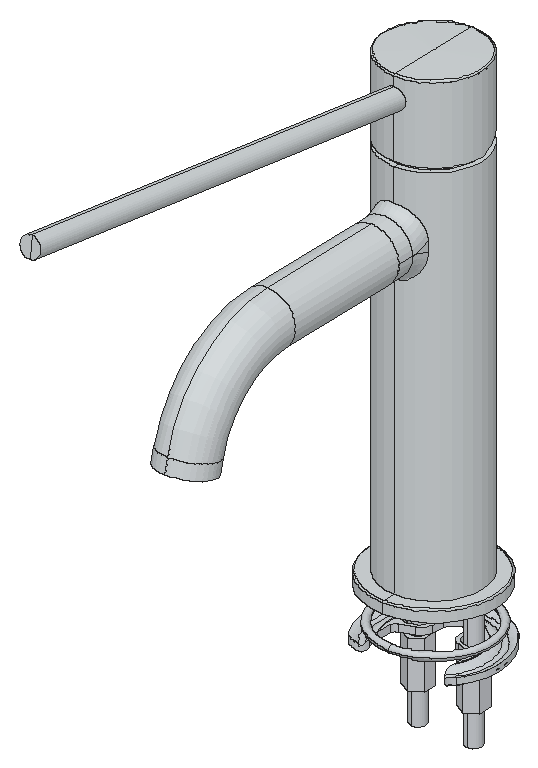
Revit family "Reece_Tap_Mizu_Drift_Basin Mixer_Curved_Extended Lever", category Plumbing Fixtures, host Face, Revit 2018
Family settings
  Host = Face
  Round Connector Dimension = Use Diameter
  Part Type = Normal
  Cut with Voids When Loaded = No
  Shared = Yes
  Room Calculation Point = Yes
Parameters (values of type "120 mm_Brushed Nickel")
  WFU = 0  # constant formula
  URL = "https://www.reece.com.au/product/-2267413"
  Type Comments = "Tap"
  Reece_Tap_Reach = 120 mm  # constant formula
  Reece_Tap_Inlet = 12 mm  # constant formula
  Reece_Tap_Clearance = 92 mm  # constant formula
  Reece_Product_Web Page = "https://www.reece.com.au/product/-2267413"
  Reece_Product_Type = "Tap"  # constant formula
  Reece_Product_Sub Brand = "Drift"  # constant formula
  Reece_Product_Number = "2267413"
  Reece_Product_Mount = "Hob Mounted"  # constant formula
  Reece_Product_Description = "Mizu Drift Basin Mixer Curved Spout with Extended Lever Tap Brushed Nickel (6 Star) Lead Free"
  Reece_Product_Brand = "Mizu"  # constant formula
  Reece_Overall_Length = 220 mm  # constant formula
  Reece_Overall_Height = 206 mm  # constant formula
  Reece_Nozzle_Pipe Radius = 10.5 mm  # constant formula
  Reece_Material_Main = Reece_Brass_Brushed Nickel
  Reece_Detail_Shape = "Curved"  # constant formula
  Reece_Detail_Installation = ""
  Reece_Detail_Disclaimer = "THIS FILE IS THE PROPERTY OF THE REECE GROUP. IT MAY NOT BE REPRODUCED, REVERSE-ENGINEERED, OR MODIFIED. ANY REPUBLICATION, TRANSMISSION, OR DISTRIBUTION FOR THE PURPOSE OF COMMERCIALLY EXPLOITING THE FILES IS PROHIBITED."  # constant formula
  Reece_Detail_Connector = ""
  Reece_Detail_Additional = "Extended Lever"  # constant formula
  Model = "Drift"
  Manufacturer = "Mizu"
  Keynote = "Product #2267413, Reece_Tap_Mizu_Drift_Basin Mixer_Curved_Extended Lever - 120 mm_Brushed Nickel"
  HWFU = 0  # constant formula
  Disclaimer = "THIS FILE IS THE PROPERTY OF THE REECE GROUP. IT MAY NOT BE REPRODUCED, REVERSE-ENGINEERED, OR MODIFIED. ANY REPUBLICATION, TRANSMISSION, OR DISTRIBUTION FOR THE PURPOSE OF COMMERCIALLY EXPLOITING THE FILES IS PROHIBITED."  # constant formula
  Description = "Mizu Drift Basin Mixer Curved Spout with Extended Lever Tap Brushed Nickel (6 Star) Lead Free"
  Default Elevation = 1000 mm
  CWFU = 0  # constant formula
Types (6, lengths in mm): name | URL | Reece_Product_Web Page | Reece_Product_Number | Reece_Product_Description | Reece_Material_Main | Keynote | Description
  120 mm_Brushed Nickel | "https://www.reece.com.au/product/-2267413" | "https://www.reece.com.au/product/-2267413" | "2267413" | "Mizu Drift Basin Mixer Curved Spout with Extended Lever Tap Brushed Nickel (6 Star) Lead Free" | Reece_Brass_Brushed Nickel | "Product #2267413, Reece_Tap_Mizu_Drift_Basin Mixer_Curved_Extended Lever - 120 mm_Brushed Nickel" | "Mizu Drift Basin Mixer Curved Spout with Extended Lever Tap Brushed Nickel (6 Star) Lead Free"
  120 mm_Chrome | "https://www.reece.com.au/product/-2267411" | "https://www.reece.com.au/product/-2267411" | "2267411" | "Mizu Drift Basin Mixer Curved Spout with Extended Lever Tap Chrome (6 Star) Lead Free" | Reece_Brass_Chrome | "Product #2267411, Reece_Tap_Mizu_Drift_Basin Mixer_Curved_Extended Lever - 120 mm_Chrome" | "Mizu Drift Basin Mixer Curved Spout with Extended Lever Tap Chrome (6 Star) Lead Free"
  120 mm_Matte Black | "https://www.reece.com.au/product/-2267412" | "https://www.reece.com.au/product/-2267412" | "2267412" | "Mizu Drift Basin Mixer Curved Spout with Extended Lever Tap Matte Black (6 Star) Lead Free" | Reece_Brass_Matte Black | "Product #2267412, Reece_Tap_Mizu_Drift_Basin Mixer_Curved_Extended Lever - 120 mm_Matte Black" | "Mizu Drift Basin Mixer Curved Spout with Extended Lever Tap Matte Black (6 Star) Lead Free"
  120 mm_Brushed Gunmetal | "https://www.reece.com.au/product/-2267415" | "https://www.reece.com.au/product/-2267415" | "2267415" | "Mizu Drift Basin Mixer Curved Spout with Extended Lever Tap Brushed Gunmetal (6 Star) Lead Free" | Reece_Brass_Brushed Gunmetal | "Product #2267415, Reece_Tap_Mizu_Drift_Basin Mixer_Curved_Extended Lever - 120 mm_Brushed Gunmetal" | "Mizu Drift Basin Mixer Curved Spout with Extended Lever Tap Brushed Gunmetal (6 Star) Lead Free"
  120 mm_Brushed Brass | "https://www.reece.com.au/product/-2267414" | "https://www.reece.com.au/product/-2267414" | "2267414" | "Mizu Drift Basin Mixer Curved Spout with Extended Lever Tap Brushed Brass (6 Star) Lead Free" | Reece_Brass_Brushed | "Product #2267414, Reece_Tap_Mizu_Drift_Basin Mixer_Curved_Extended Lever - 120 mm_Brushed Brass" | "Mizu Drift Basin Mixer Curved Spout with Extended Lever Tap Brushed Brass (6 Star) Lead Free"
  120 mm_Brushed Bronze | "https://www.reece.com.au/product/-2298929" | "https://www.reece.com.au/product/-2298929" | "2298929" | "Mizu Drift Basin Mixer Curved Spout with Extended Lever Tap Brushed Bronze (6 Star) Lead Free" | Reece_Brass_Brushed Bronze | "Product #2298929, Reece_Tap_Mizu_Drift_Basin Mixer_Curved_Extended Lever - 120 mm_Brushed Bronze" | "Mizu Drift Basin Mixer Curved Spout with Extended Lever Tap Brushed Bronze (6 Star) Lead Free"
Reference planes
  plane 1 "Center (Front/Back)": y = 0
  plane 2: z = 0
  plane 3 "Center (Left/Right)": x = 0
  plane 4: y = -19
  plane 5: y = -120
  plane 6: through (0, -18.335, 174.209) normal (0, -0.9998, -0.0216)
  plane 7: z = 92
  plane 8: through (0, -120, 92) normal (0, 0.9659, -0.2588)
  plane 9: z = 127
  plane 10: y = 24.5
  plane 11: z = 206
  plane 12: y = -195.5
Forms (mm)
  Revolve 1, solid, material "Reece_Brass_Brushed Nickel" <- "Reece_Material_Main"
    sketch origin (0, 0, 0) x (0, 1, 0) y (0, 0, 1)
      loop
        line (-19, 152.8) -> (-19, 4.5) -> (-17.5, 4.5) -> (-17.5, 7) -> (0, 7) -> (0, 157.8) -> (-13.55, 157.8) -> (-13.55, 161.484)
        arc (-13.55, 161.484) -> (-15.733, 157.339) -> (-16.892, 152.8) r 20
        line (-16.892, 152.8) -> (-19, 152.8)
      axis (0, 161.484) -> (0, 4.5)
    angle from 0 to 360
  Revolve 2, solid, material "Reece_Brass_Brushed Nickel" <- "Reece_Material_Main"
    sketch origin (0, 0, 0) x (0, 1, 0) y (0, 0, 1)
      loop
        line (-17.5, 4.5) -> (-24, 4.5)
        arc (-24, 4.5) -> (-24.354, 4.354) -> (-24.5, 4) r 0.5
        line (-24.5, 4) -> (-24.5, 0) -> (-22, 0) -> (-22, -1) -> (-18, -1) -> (-18, 2) -> (-16.5, 2) -> (-16.5, 5.5) -> (-17.5, 5.5) -> (-17.5, 4.5)
      axis (0, 5.5) -> (0, -1)
    angle from 0 to 360
  Revolve 3, solid, material "Reece_Brass_Brushed Nickel" <- "Reece_Material_Main"
    sketch origin (0, 0, 1) x (0, 1, 0) y (0, 0, 1)
      loop
        line (-19, 153.55) -> (-17.852, 153.55) -> (-17.5, 158.59) -> (-17.5, 162.3) -> (0, 162.3) -> (0, 184)
        arc (0, 184) -> (-9.246, 183.907) -> (-18.489, 183.63) r 465.11
        arc (-18.489, 183.63) -> (-18.852, 183.467) -> (-19, 183.099) r 0.532
        line (-19, 183.099) -> (-19, 153.55)
      axis (0, 184) -> (0, 153.55)
    angle from 0 to 360
  Extrusion 4, void
    sketch origin (0, 21.394, 163.687) x (0, 0.91357, 0.406681) y (1, 0, 0)
      loop
        line (14.799, 24.5) -> (-35.201, 24.5) -> (-35.201, -24.5) -> (14.799, -24.5) -> (14.799, 24.5)
    from 0 to 19
  Revolve 5, void
    sketch origin (0, 0, -1.813) x (0, 1, 0) y (0, 0, 1)
      loop
        line (17.434, 173.743) -> (17.434, 169.75) -> (20.568, 169.75) -> (20.568, 173.743) -> (17.434, 173.743)
      axis (20.568, 169.75) -> (17.434, 169.75)
    angle from 0 to 360
  Revolve 6, solid, material "Reece_Brass_Brushed Nickel" <- "Reece_Material_Main"
    sketch origin (0, 0, -1.813) x (0, 1, 0) y (0, 0, 1)
      loop
        arc (19.852, 169.75) -> (19.653, 171.536) -> (19.065, 173.234) r 8.104
        arc (19.065, 173.234) -> (18.801, 173.532) -> (18.419, 173.642) r 0.716
        line (18.419, 173.642) -> (17.555, 173.642) -> (17.555, 169.75) -> (19.852, 169.75)
      axis (17.555, 169.75) -> (19.852, 169.75)
    angle from 0 to 360
  Revolve 7, solid
    sketch origin (0, 0, 0) x (0, 1, 0) y (0, 0, 1)
      loop
        circle (22.2, -14) r 1.3
      axis (1, -14) -> (1, -13)
    angle from 0 to 360
  Extrusion 8, void
    sketch origin (0, 2, 7) x (1, 0, 0) y (0, 1, 0)
      loop
        circle (-7, -9.5) r 6.7
      loop
        circle (-10.749, 4.019) r 3.519
      loop
        circle (10.75, 4) r 3.5
      loop
        circle (7, -9.5) r 6.7
    from 0 to 4
  Extrusion 9, solid
    sketch origin (0, 2, 7) x (0, 1, 0) y (1, 0, 0)
      loop
        circle (4, 10.75) r 3
      loop
        circle (4, -10.75) r 3
    from 0 to 61.5
  Revolve 10, solid
    sketch origin (0, 0, 0) x (0, 1, 0) y (0, 0, 1)
      loop
        arc (18.75, -21.5) -> (21.75, -23) -> (24.75, -21.5) r 3.75
        line (24.75, -21.5) -> (25.75, -21.5) -> (25.75, -19)
        arc (25.75, -19) -> (24.212, -19.499) -> (22.941, -20.498) r 4.61
        arc (22.941, -20.498) -> (21.841, -21) -> (20.728, -20.527) r 1.5
        arc (20.728, -20.527) -> (19.122, -19.398) -> (17.2, -19) r 4.84
        line (17.2, -19) -> (17.2, -21.5) -> (18.75, -21.5)
      axis (0, -19) -> (0, -21.5)
    angle from 0 to 360
  Extrusion 11, solid
    sketch origin (0, 0, -23) x (1, 0, 0) y (0, 1, 0)
      loop
        arc (-9.053, 2.711) -> (-6.961, 7.197) -> (-11.447, 9.289) r 3.5
        line (-11.447, 9.289) -> (-13.326, 8.605)
        arc (-13.326, 8.605) -> (-15.418, 4.119) -> (-10.932, 2.027) r 3.5
        line (-10.932, 2.027) -> (-9.053, 2.711)
      loop
        arc (-5.01, 5.791) -> (-6.06, 3.288) -> (-8.263, 1.702) r 5
        line (-8.263, 1.702) -> (-13.684, -0.271)
        arc (-13.684, -0.271) -> (-14.638, -1.003) -> (-15, -2.15) r 2
        line (-15, -2.15) -> (-15, -8.417)
        arc (-15, -8.417) -> (0, 17.2) -> (15, -8.417) r 17.2
        line (15, -8.417) -> (15, -2.15)
        arc (15, -2.15) -> (14.638, -1.003) -> (13.684, -0.271) r 2
        line (13.684, -0.271) -> (8.263, 1.702)
        arc (8.263, 1.702) -> (6.06, 3.288) -> (5.01, 5.791) r 5
        line (5.01, 5.791) -> (4.466, 10.221)
        arc (4.466, 10.221) -> (0, 14.173) -> (-4.466, 10.221) r 4.5
        line (-4.466, 10.221) -> (-5.01, 5.791)
      loop
        arc (11.447, 9.289) -> (6.961, 7.197) -> (9.053, 2.711) r 3.5
        line (9.053, 2.711) -> (10.932, 2.027)
        arc (10.932, 2.027) -> (15.418, 4.119) -> (13.326, 8.605) r 3.5
        line (13.326, 8.605) -> (11.447, 9.289)
    from 1.5 to 4
  Extrusion 12, void
    sketch origin (0, 0, -23) x (1, 0, 0) y (0, 1, 0)
      loop
        line (27.556, -34.599) -> (27.556, -14.961) -> (20.958, -14.961)
        arc (20.958, -14.961) -> (17.049, -15.272) -> (15, -11.93) r 3.75
        line (15, -11.93) -> (15, -8.417) -> (-15, -8.417) -> (-15, -11.93)
        arc (-15, -11.93) -> (-17.049, -15.272) -> (-20.958, -14.961) r 3.75
        line (-20.958, -14.961) -> (-27.556, -14.961) -> (-27.556, -34.599) -> (27.556, -34.599)
    from 0 to 5
  Extrusion 13, solid
    sketch origin (0, 0, 0) x (1, 0, 0) y (0, 1, 0)
      loop
        circle (10.75, 6) r 3
      loop
        line (10.75, 11.196) -> (6.25, 8.598) -> (6.25, 3.402) -> (10.75, 0.804) -> (15.25, 3.402) -> (15.25, 8.598) -> (10.75, 11.196)
      loop
        circle (-10.75, 6) r 3
      loop
        line (-10.75, 11.196) -> (-15.25, 8.598) -> (-15.25, 3.402) -> (-10.75, 0.804) -> (-6.25, 3.402) -> (-6.25, 8.598) -> (-10.75, 11.196)
    from -41.5 to -23
  Extrusion 14, void
    sketch origin (0, 0, 0) x (1, 0, 0) y (0, 1, 0)
      loop
        circle (0, 0) r 22
    from 0 to -35
  Revolve 15, solid, material "Reece_Brass_Brushed Nickel" <- "Reece_Material_Main"
    sketch origin (0, -229.818, 400.932) x (0, -1, 0) y (0, 0, -1)
      loop
        line (-217.961, 221.636) -> (-35.476, 194.932) -> (-34.897, 198.89) -> (-217.382, 225.594) -> (-217.961, 221.636)
      axis (-217.382, 225.594) -> (-34.897, 198.89)
    angle from 0 to 360
  Sweep 16, solid, material "Reece_Brass_Brushed Nickel" <- "Reece_Material_Main"
    path origin (0, 0, 0) x (0, 1, 0) y (0, 0, 1)
      loop
        line (-29.929, 127) -> (-79.929, 127)
        arc (-79.929, 127) -> (-104.279, 118.734) -> (-118.566, 97.353) r 40
        line (-118.566, 97.353) -> (-120, 92)
    profile origin (0, -54.929, 127) x (0, 0, -1) y (1, 0, 0)
      loop
        circle (0, 0) r 10.5
  Sweep 17, solid, material "Reece_Brass_Brushed Nickel" <- "Reece_Material_Main"
    path origin (0, 0, 0) x (0, 1, 0) y (0, 0, 1)
      loop
        line (-29.929, 137.5) -> (-23.438, 137.5)
        arc (-23.438, 137.5) -> (-19.902, 138.964) -> (-18.438, 142.5) r 5
        line (-18.438, 142.5) -> (-18.438, 147.5)
    profile origin (0, -26.683, 137.5) x (0, 0, 1) y (1, 0, 0)
      loop
        arc (-10.5, -10.5) -> (0, 0) -> (-10.5, 10.5) r 10.5
        line (-10.5, 10.5) -> (-10.5, -10.5)
  Revolve 18, void
    sketch origin (0, 0, 0) x (0, 1, 0) y (0, 0, 1)
      loop
        line (-120.258, 91.037) -> (-109.445, 88.139) -> (-109.187, 89.103) -> (-110.567, 89.472) -> (-110.041, 91.436) -> (-111.007, 91.695) -> (-111.27, 90.713) -> (-119.737, 92.982) -> (-120.258, 91.037)
      axis (-120.258, 91.037) -> (-119.474, 93.964)
    angle from 0 to 360
  Sweep 19, solid, material "Reece_Brass_Brushed Nickel" <- "Reece_Material_Main"
    path origin (0, 0, 254) x (0, 1, 0) y (0, 0, -1)
      loop
        line (-29.929, 137.5) -> (-23.438, 137.5)
        arc (-23.438, 137.5) -> (-19.902, 138.964) -> (-18.438, 142.5) r 5
        line (-18.438, 142.5) -> (-18.438, 147.5)
    profile origin (0, -26.683, 116.5) x (0, 0, 1) y (1, 0, 0)
      loop
        line (10.5, -10.5) -> (10.5, 10.5)
        arc (10.5, 10.5) -> (0, 0) -> (10.5, -10.5) r 10.5
  Extrusion 20, solid, material "Reece_Brass_Brushed Nickel" <- "Reece_Material_Main"
    sketch origin (0, 0, 0) x (0, 1, 0) y (0, 0, 1)
      loop
        arc (-23.438, 127) -> (-12.477, 122.46) -> (-7.938, 111.5) r 15.5
        line (-7.938, 111.5) -> (-7.938, 142.5)
        arc (-7.938, 142.5) -> (-12.477, 131.54) -> (-23.438, 127) r 15.5
    from -10.5 to 10.5
Cuts and joins
  Extrusion 4, Revolve 5 cuts Revolve 3
  joined: Revolve 3, Revolve 15
  Extrusion 8 cuts Extrusion 9
  Extrusion 12 cuts Revolve 10
  Extrusion 8 cuts Revolve 2
  Extrusion 8 cuts Revolve 1
  Revolve 18 cuts Sweep 16
  joined: Revolve 1, Sweep 16, Sweep 17, Sweep 19, Extrusion 20
Lines and regions (mm)
  reference lines
    curve 1: line (0, 42.299, 172.993) -> (0, 0.166, 154.237)
Text (mm)
  text "Reece Copyright © 2018, Reece Ltd." at (-747.266, -372.688, 0), in view "Ref. Level"
  text "Reece ©" at (-1.128, 151.197, 130.104), in view "Reece Preview"
Dimensions and locks
  locked: Revolve 1 sketch curve to Revolve 1 sketch curve at 2.5
  Revolve 1 sketch curve to Revolve 1 sketch curve = 19 mm
  Revolve 2 sketch curve to Revolve 2 sketch curve = 24.5 mm
  locked: Revolve 2 sketch curve to Revolve 2 sketch curve at 2.5
  locked: Revolve 2 sketch curve to Revolve 2 sketch curve at 3.5
  locked: Revolve 2 sketch curve to Revolve 2 sketch curve at 1
  Revolve 2 sketch curve to Revolve 2 sketch curve = 17.5 mm
  locked: Revolve 2 sketch curve to Revolve 2 sketch curve at 1.5
  Revolve 3 sketch curve to Revolve 3 sketch curve = 19 mm
  locked: Revolve 3 sketch curve to Revolve 3 sketch curve at 1.5
  Extrusion 4 sketch curve to curve 1 to Extrusion 4 sketch curve = 24.5 mm, 24.5 mm
  "Reece_Tap_Reach": plane 5 to plane 1 "Center (Front/Back)"
  "Reece_Tap_Clearance": plane 7 to level
  "Reece_Overall_Height": plane 11 to host face
  "Reece_Overall_Length": plane 10 to plane 12
  "Reece_Nozzle_Pipe Radius": radius of Sweep 16 sketch curve
  angle plane 8 to plane 5 = 15.00°
  angle plane 5 to plane 8 = 15.00°
  aligned and locked: plane 2 to host face
  aligned and locked: level to host face
  aligned and locked: Revolve 3 sketch curve to Revolve 3 sketch curve
  aligned and locked: Revolve 18 sketch curve to plane 8
Automatic sketch dimensions
  host sketch curve to host sketch curve = 380.785 mm
  host sketch curve to host sketch curve = 317.421 mm
  curve 1 to plane 1 "Center (Front/Back)" = 0.166 mm
  curve 1 to plane 9 = 27.238 mm
  curve 1 to plane 10 = 17.799 mm
  Revolve 1 sketch curve to plane 4 = 0 mm
  Revolve 1 sketch curve to plane 1 "Center (Front/Back)" = 0 mm
  Revolve 1 sketch curve to Revolve 1 sketch curve = 1.5 mm
  Revolve 1 sketch curve to Revolve 1 sketch curve = 2.108 mm
  Revolve 1 sketch curve to plane 4 = 5.45 mm
  Revolve 1 sketch curve to plane 1 "Center (Front/Back)" = 2.932 mm
  level to Revolve 1 sketch curve = 4.5 mm
  Revolve 1 sketch curve to plane 9 = 23.156 mm
  Revolve 1 sketch curve to Revolve 1 sketch curve = 2.644 mm
  Revolve 1 sketch curve to Revolve 1 sketch curve = 7.644 mm
  Revolve 1 sketch curve to level = 340.81 mm
  Revolve 2 sketch curve to level = 0 mm
  Revolve 2 sketch curve to plane 1 "Center (Front/Back)" = 0 mm
  Revolve 2 sketch curve to Revolve 2 sketch curve = 0.5 mm
  Revolve 2 sketch curve to level = 1 mm
  level to Revolve 2 sketch curve = 2 mm
  Revolve 2 sketch curve to Revolve 2 sketch curve = 4 mm
  Revolve 2 sketch curve to Revolve 2 sketch curve = 339.81 mm
  Revolve 3 sketch curve to plane 4 = 0 mm
  Revolve 3 sketch curve to plane 4 = 0.532 mm
  Revolve 3 sketch curve to Revolve 3 sketch curve = 1.148 mm
  Revolve 3 sketch curve to plane 1 "Center (Front/Back)" = 0.055 mm
  Revolve 3 sketch curve to Revolve 3 sketch curve = 20.799 mm
  Revolve 3 sketch curve to Revolve 3 sketch curve = 3.71 mm
  Revolve 3 sketch curve to Revolve 3 sketch curve = 5.04 mm
  Revolve 3 sketch curve to level = 280.11 mm
  Revolve 3 sketch curve to Revolve 3 sketch curve = 59.7 mm
  Revolve 3 sketch curve to Revolve 3 sketch curve = 2176.364 mm
  Extrusion 4 sketch curve to curve 1 = 11.965 mm
  Extrusion 4 sketch curve to curve 1 = 8.083 mm
  plane 10 to Revolve 5 sketch curve = 7.066 mm
  Revolve 5 sketch curve to Revolve 5 sketch curve = 3.134 mm
  Revolve 5 sketch curve to Revolve 5 sketch curve = 3.993 mm
  Revolve 5 sketch curve to Revolve 5 sketch curve = 2.864 mm
  Revolve 5 sketch curve to plane 10 = 0.07 mm
  Revolve 5 sketch curve to Revolve 5 sketch curve = 0 mm
  Revolve 6 sketch curve to plane 1 "Center (Front/Back)" = 11.748 mm
  Revolve 6 sketch curve to Revolve 6 sketch curve = 5.807 mm
  Revolve 6 sketch curve to Revolve 6 sketch curve = 0.864 mm
  Revolve 6 sketch curve to Revolve 6 sketch curve = 2.297 mm
  Revolve 6 sketch curve to Revolve 6 sketch curve = 3.177 mm
  Revolve 6 sketch curve to Revolve 6 sketch curve = 0.716 mm
  Revolve 6 sketch curve to Revolve 6 sketch curve = 1.775 mm
  Revolve 6 sketch curve to plane 10 = 1.006 mm
  Revolve 6 sketch curve to Revolve 6 sketch curve = 0 mm
  plane 10 to Revolve 7 sketch curve = 2.3 mm
  Revolve 7 sketch curve to level = 14 mm  (x2)
  Revolve 7 sketch curve to plane 1 "Center (Front/Back)" = 1 mm
  Revolve 7 sketch curve to Revolve 7 sketch curve = 4.102 mm
  Revolve 1 to Extrusion 8 sketch curve = 10.749 mm
  Revolve 1 to Extrusion 8 sketch curve = 7 mm
  Extrusion 8 sketch curve to Revolve 1 = 7 mm
  Extrusion 8 sketch curve to Revolve 1 = 10.75 mm
  Extrusion 8 sketch curve to Extrusion 8 sketch curve = 0 mm
  Extrusion 8 sketch curve to Extrusion 8 sketch curve = 13.5 mm
  Extrusion 8 sketch curve to Extrusion 8 sketch curve = 13.519 mm
  Revolve 1 to Extrusion 9 sketch curve = 10.75 mm
  Extrusion 9 sketch curve to Extrusion 9 sketch curve = 0 mm
  Extrusion 9 sketch curve to Revolve 1 = 10.75 mm
  Revolve 10 sketch curve to plane 1 "Center (Front/Back)" = 0 mm
  plane 10 to Revolve 10 sketch curve = 7.3 mm
  Revolve 10 sketch curve to Revolve 10 sketch curve = 1.55 mm
  plane 10 to Revolve 10 sketch curve = 2.75 mm
  Revolve 10 sketch curve to Revolve 10 sketch curve = 0.072 mm
  Revolve 10 sketch curve to plane 10 = 0.25 mm
  Revolve 10 sketch curve to plane 10 = 1.25 mm
  Revolve 10 sketch curve to plane 10 = 1.882 mm
  Revolve 10 sketch curve to level = 23.84 mm
  Revolve 10 sketch curve to Revolve 10 sketch curve = 0.274 mm
  Revolve 10 sketch curve to Revolve 10 sketch curve = 2.34 mm
  Revolve 10 sketch curve to Revolve 10 sketch curve = 2 mm
  Revolve 10 sketch curve to Revolve 10 sketch curve = 0.25 mm
  Revolve 10 sketch curve to Revolve 10 sketch curve = 2.5 mm  (x2)
  Revolve 10 sketch curve to Revolve 10 sketch curve = 0 mm
  Revolve 10 sketch curve to Revolve 10 sketch curve = 316.97 mm
  plane 1 "Center (Front/Back)" to Extrusion 11 sketch curve = 0 mm
  Extrusion 11 sketch curve to plane 3 "Center (Left/Right)" = 0 mm  (x2)
  Extrusion 11 sketch curve to plane 3 "Center (Left/Right)" = 4.466 mm
  Extrusion 11 sketch curve to Extrusion 11 sketch curve = 0.544 mm  (x2)
  Extrusion 11 sketch curve to plane 1 "Center (Front/Back)" = 1.702 mm  (x2)
  Extrusion 11 sketch curve to Extrusion 11 sketch curve = 3.253 mm  (x2)
  Extrusion 11 sketch curve to plane 1 "Center (Front/Back)" = 2.711 mm
  Extrusion 11 sketch curve to Extrusion 11 sketch curve = 0.79 mm  (x2)
  Extrusion 11 sketch curve to Extrusion 11 sketch curve = 0.92 mm  (x2)
  Extrusion 11 sketch curve to Extrusion 11 sketch curve = 0.277 mm  (x2)
  Extrusion 11 sketch curve to plane 1 "Center (Front/Back)" = 2.027 mm  (x2)
  Extrusion 11 sketch curve to Extrusion 11 sketch curve = 1.879 mm  (x6)
  Extrusion 11 sketch curve to Extrusion 11 sketch curve = 1.474 mm  (x2)
  Extrusion 11 sketch curve to Extrusion 11 sketch curve = 2.068 mm  (x2)
  Extrusion 11 sketch curve to plane 1 "Center (Front/Back)" = 8.605 mm
  plane 1 "Center (Front/Back)" to Extrusion 11 sketch curve = 0.271 mm  (x2)
  Extrusion 11 sketch curve to Extrusion 11 sketch curve = 0.684 mm  (x2)
  Extrusion 11 sketch curve to Extrusion 11 sketch curve = 2 mm
  plane 3 "Center (Left/Right)" to Extrusion 11 sketch curve = 4.466 mm
  plane 1 "Center (Front/Back)" to Extrusion 11 sketch curve = 2.15 mm
  Extrusion 11 sketch curve to Extrusion 11 sketch curve = 6.266 mm
  Extrusion 11 sketch curve to Extrusion 11 sketch curve = 1.009 mm
  Extrusion 11 sketch curve to Extrusion 11 sketch curve = 3.289 mm
  Extrusion 11 sketch curve to Extrusion 11 sketch curve = 3.08 mm  (x2)
  Extrusion 11 sketch curve to Extrusion 11 sketch curve = 0.401 mm  (x2)
  Extrusion 11 sketch curve to Extrusion 11 sketch curve = 3.882 mm
  Extrusion 11 sketch curve to Extrusion 11 sketch curve = 4.43 mm
  Extrusion 12 sketch curve to plane 3 "Center (Left/Right)" = 27.556 mm
  Extrusion 12 sketch curve to Extrusion 12 sketch curve = 6.599 mm  (x2)
  Extrusion 12 sketch curve to Extrusion 12 sketch curve = 2.208 mm  (x2)
  Extrusion 12 sketch curve to Extrusion 12 sketch curve = 3.75 mm  (x2)
  plane 3 "Center (Left/Right)" to Extrusion 12 sketch curve = 15 mm
  plane 4 to Extrusion 12 sketch curve = 15.599 mm
  Extrusion 12 sketch curve to plane 4 = 4.039 mm  (x2)
  Extrusion 12 sketch curve to Extrusion 12 sketch curve = 3.514 mm
  Extrusion 13 sketch curve to plane 3 "Center (Left/Right)" = 15.25 mm
  Extrusion 13 sketch curve to plane 1 "Center (Front/Back)" = 0.804 mm  (x2)
  Extrusion 13 sketch curve to Extrusion 13 sketch curve = 4.5 mm  (x6)
  Extrusion 13 sketch curve to Extrusion 13 sketch curve = 0 mm  (x2)
  plane 3 "Center (Left/Right)" to Extrusion 13 sketch curve = 6.25 mm
  Extrusion 13 sketch curve to plane 1 "Center (Front/Back)" = 3.402 mm  (x4)
  Extrusion 13 sketch curve to Extrusion 13 sketch curve = 5.196 mm  (x7)
  Extrusion 13 sketch curve to Extrusion 13 sketch curve = 2.598 mm
  Extrusion 14 sketch curve to Extrusion 14 sketch curve = 0 mm  (x2)
  Extrusion 14 sketch curve to plane 3 "Center (Left/Right)" = 0 mm
  plane 1 "Center (Front/Back)" to Extrusion 14 sketch curve = 0 mm
  plane 4 to Extrusion 14 sketch curve = 3 mm
  Sweep 16 sketch curve to plane 5 = 0 mm
  plane 8 to Sweep 16 sketch curve = 0 mm
  plane 9 to Sweep 16 sketch curve = 0 mm
  plane 7 to Sweep 16 sketch curve = 0 mm
  plane 5 to Sweep 16 sketch curve = 1.434 mm
  plane 7 to Sweep 16 sketch curve = 5 mm
  plane 4 to Sweep 16 sketch curve = 10.929 mm
  plane 4 to Sweep 17 sketch curve = 4.438 mm
  Sweep 17 sketch curve to plane 4 = 0.562 mm
  Sweep 17 sketch curve to plane 9 = 10.5 mm
  Sweep 17 sketch curve to Sweep 17 sketch curve = 6.491 mm
  Sweep 17 sketch curve to Sweep 17 sketch curve = 5 mm
  Sweep 17 sketch curve to plane 3 "Center (Left/Right)" = 0 mm
  profile plane to Sweep 17 sketch curve = 10.5 mm
  Sweep 17 sketch curve to plane 3 "Center (Left/Right)" = 10.5 mm
  Sweep 19 sketch curve to plane 4 = 4.438 mm
  plane 4 to Sweep 19 sketch curve = 0.562 mm
  Sweep 19 sketch curve to plane 9 = 10.5 mm
  Sweep 19 sketch curve to Sweep 19 sketch curve = 6.491 mm
  Sweep 19 sketch curve to Sweep 19 sketch curve = 5 mm
  Sweep 19 sketch curve to plane 3 "Center (Left/Right)" = 0 mm
  Sweep 19 sketch curve to profile plane = 10.5 mm
  Sweep 19 sketch curve to plane 3 "Center (Left/Right)" = 10.5 mm
  plane 9 to Extrusion 20 sketch curve = 0 mm  (x2)
  plane 4 to Extrusion 20 sketch curve = 4.438 mm  (x2)
  Extrusion 20 sketch curve to Extrusion 20 sketch curve = 15.5 mm
  Extrusion 20 sketch curve to plane 9 = 15.5 mm
  Extrusion 20 sketch curve to Extrusion 20 sketch curve = 0 mm
  plane 8 to Revolve 18 sketch curve = 0 mm  (x2)
  Revolve 18 sketch curve to plane 5 = 0.258 mm
  plane 7 to Revolve 18 sketch curve = 2.528 mm
  plane 7 to Revolve 18 sketch curve = 3.861 mm
  plane 5 to Revolve 18 sketch curve = 0.263 mm
  Revolve 18 sketch curve to Revolve 18 sketch curve = 0.703 mm
  plane 5 to Revolve 18 sketch curve = 14.738 mm
  plane 7 to Revolve 18 sketch curve = 1.287 mm
  plane 7 to Revolve 18 sketch curve = 0.305 mm
  curve 1 to plane 9 = 45.993 mm
  Revolve 1 sketch curve to Revolve 1 sketch curve = 2249.885 mm
  Revolve 2 sketch curve to plane 9 = 2284.37 mm
  Revolve 3 sketch curve to plane 9 = 27.55 mm
  Revolve 3 sketch curve to Revolve 3 sketch curve = 0.901 mm
  Revolve 5 sketch curve to plane 9 = 40.938 mm
  Revolve 6 sketch curve to plane 9 = 40.938 mm
  Revolve 10 sketch curve to plane 9 = 716.832 mm
  Revolve 18 sketch curve to plane 5 = 6.2 mm
  Revolve 15 sketch curve to plane 4 = 7.144 mm
  Revolve 15 sketch curve to Revolve 15 sketch curve = 0.579 mm
  Revolve 15 sketch curve to Revolve 15 sketch curve = 3.958 mm
  plane 1 "Center (Front/Back)" to Revolve 15 sketch curve = 6.206 mm
  plane 5 to Revolve 15 sketch curve = 31.095 mm
  plane 11 to Revolve 15 sketch curve = 0 mm
  Revolve 15 sketch curve to plane 12 = 0.579 mm
  Revolve 15 sketch curve to plane 11 = 19.471 mm
  Revolve 15 sketch curve to Revolve 15 sketch curve = 0.912 mm
  Sweep 16 sketch curve to plane 3 "Center (Left/Right)" = 0 mm
  Sweep 16 sketch curve to profile plane = 0 mm
  radius of Revolve 7 sketch curve = 1.3 mm
  radius of Extrusion 8 sketch curve = 6.7 mm  (x2)
  radius of Extrusion 8 sketch curve = 3.519 mm
  radius of Extrusion 8 sketch curve = 3.5 mm
  radius of Extrusion 9 sketch curve = 3 mm  (x2)
  radius of Extrusion 13 sketch curve = 3 mm  (x2)
Connectors
  piping at (-7, -7.5, 11), diameter 12, driven by "Reece_Tap_Inlet"
    settings: on cut or joined group of Revolve 1, Extrusion 8, Sweep 16, Sweep 17, Revolve 18, Sweep 19, Extrusion 20, index 1, connector inside diameter 609.6 mm, connector length 0 mm, flow factor 0, pipe flow 0.0 L/s, pressure drop 0.0 Pa, fitting loss kfactor 0, connector angle 0.00°, fixture units 0, engagement length 0 mm, angle of deflection 0.00°, flow configuration 0, flow direction 2, fitting loss method 0, system type 29, joint type 0, gender type 0, connector reference index -1, connector utility 0, adjustable connector no, is connector primary yes, connector description "Hot Water"
  piping at (7, -7.5, 11), diameter 12, driven by "Reece_Tap_Inlet"
    settings: on cut or joined group of Revolve 1, Extrusion 8, Sweep 16, Sweep 17, Revolve 18, Sweep 19, Extrusion 20, index 2, connector inside diameter 609.6 mm, connector length 0 mm, flow factor 0, pipe flow 0.0 L/s, pressure drop 0.0 Pa, fitting loss kfactor 0, connector angle 0.00°, fixture units 0, engagement length 0 mm, angle of deflection 0.00°, flow configuration 0, flow direction 2, fitting loss method 0, system type 29, joint type 0, gender type 0, connector reference index -1, connector utility 0, adjustable connector no, is connector primary no, connector description "Cold Water"
